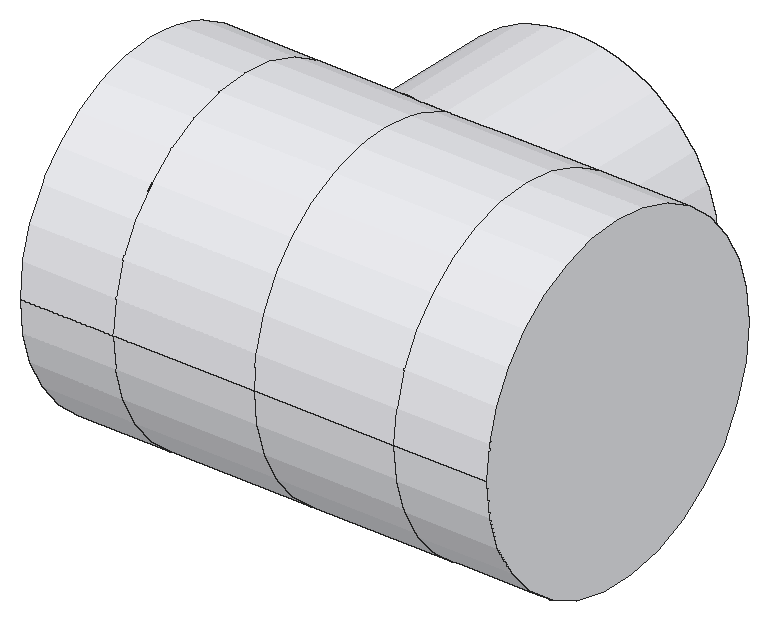
Revit family "PF_Тройник [фитинг полипропиленовый - тройник переходной VTp.735.0]1 - VALTEC", category Соединительные детали трубопроводов, Revit 2019
Family settings
  Размер круглого соединителя = Использовать диаметр
  Тип детали = Тройник
  На основе рабочей плоскости = Нет
  Всегда вертикально = Да
  При загрузке вырезать с полостями = Нет
  Общий = Нет
Parameters (values of type "VTp.731.0 / VTp.735.0")
  Таблица = "PF_Тройник [фитинг полипропиленовый - тройник переходной VTp.735.0] - VALTEC"  # constant formula
  built-in parameter 1114238 [instance] = (empty or 0)
  Manufacturer = ""
  dn4 [instance] = if(if(dn1 < dn2, dn2, dn1) < dn3, dn3, if(dn1 < dn2, dn2, dn1))  # 130.2 mm
  dn3 [instance] = size_lookup(Таблица, "dn3", 0 mm, d1, d2, d3)  # 130.2 mm
  dn2 [instance] = size_lookup(Таблица, "dn2", 0 mm, d1, d2, d3)  # 114.6 mm
  dn1 [instance] = size_lookup(Таблица, "dn1", 0 mm, d1, d2, d3)  # 130.2 mm
  d3 [instance] = 110 mm
  d2 [instance] = 90 mm
  d1 [instance] = 110 mm
  URL = "https://valtec.ru/"
  E [instance] = size_lookup(Таблица, "E", 0 mm, d1, d2, d3)  # 160 mm
  D [instance] = size_lookup(Таблица, "D", 0 mm, d1, d2, d3)  # 37 mm
  C [instance] = size_lookup(Таблица, "C", 0 mm, d1, d2, d3)  # 33 mm
  B [instance] = size_lookup(Таблица, "B", 0 mm, d1, d2, d3)  # 37 mm
  ADSK_Примечание [instance] = ""
  ADSK_Позиция [instance] = ""
  ADSK_Обозначение [instance] = size_lookup(Таблица, "Тип", "Данный типоразмер отсутствует", d1, d2, d3)  # "VTp.735.0"
  ADSK_Наименование [instance] = size_lookup(Таблица, "", "Данный типоразмер отсутствует", d1, d2, d3)  # "Фитинг полипропиленовый - тройник переходной, 110 х 90 х 110 мм"
  ADSK_Материал = Пластик белый - VALTEC
  ADSK_Масса [instance] = size_lookup(Таблица, "Масса", 0, d1, d2, d3)  # 1.432
  ADSK_Марка [instance] = size_lookup(Таблица, "Маркировка", "Данный типоразмер отсутствует", d1, d2, d3)  # "100х90х100"
  ADSK_Код изделия [instance] = size_lookup(Таблица, "Код продукта", "Данный типоразмер отсутствует", d1, d2, d3)  # "VTp.735.0.110090110"
  ADSK_Завод-изготовитель [instance] = "VALTEC"  # constant formula
  ADSK_Единица измерения [instance] = "шт."  # constant formula
  ADSK_URL страницы изделия = "https://valtec.ru/catalog/sistemy_polipropilenovyh_truboprovodov/polipropilenovye_fitingi/fiting_polipropilenovyj_trojnik_perehodnoj_vtp7350.html"
  ADSK_URL документации изделия = "https://valtec.ru/document/technical/VTp.700-fitingi-0419.pdf"
  A [instance] = size_lookup(Таблица, "A", 0 mm, d1, d2, d3)  # 186 mm
Reference planes
  plane 1 "По центру (Вперед/Назад)": y = 0
  plane 2: z = 0
  plane 3 "По центру (Влево/Вправо)": x = 0
  plane 4: x = -93
  plane 5: x = 93
  plane 6: y = 65.1
  plane 7: y = -65.1
  plane 8: y = 94.9
  plane 9: x = -56
  plane 10: x = 56
Forms (mm)
  Extrusion 1, solid, material "Пластик белый - VALTEC" <- "ADSK_Материал", detail levels medium+fine
    sketch origin (0, 0, 0) x (0, 1, 0) y (0, 0, 1)
      loop
        circle (0, 0) r 65.1
    from -93 to -56
  Extrusion 2, solid, material "Пластик белый - VALTEC" <- "ADSK_Материал", detail levels medium+fine
    sketch origin (0, 0, 0) x (0, 1, 0) y (0, 0, 1)
      loop
        circle (0, 0) r 65.1
    from 56 to 93
  Blend 3, solid, material "Пластик белый - VALTEC" <- "ADSK_Материал", detail levels medium+fine
    base sketch origin (0, 0, 0) x (0, 1, 0) y (0, 0, 1)
      loop
        circle (0, 0) r 65.1
    top sketch origin (0, 0, 0) x (0, 1, 0) y (0, 0, 1)
      loop
        circle (0, 0) r 65.1
    from 56 to 0
  Blend 4, solid, material "Пластик белый - VALTEC" <- "ADSK_Материал", detail levels medium+fine
    base sketch origin (0, 0, 0) x (0, 1, 0) y (0, 0, 1)
      loop
        circle (0, 0) r 65.1
    top sketch origin (0, 0, 0) x (0, 1, 0) y (0, 0, 1)
      loop
        circle (0, 0) r 65.1
    from -56 to 0
  Extrusion 5, solid, material "Пластик белый - VALTEC" <- "ADSK_Материал", detail levels medium+fine
    sketch origin (0, 0, 0) x (1, 0, 0) y (0, 0, 1)
      loop
        circle (0, 0) r 57.3
    from -94.9 to 0
Cuts and joins
  joined: Extrusion 1, Extrusion 2, Blend 3, Blend 4, Extrusion 5
Lines and regions (mm)
  model lines, detail levels coarse
    curve 1: line (0, 0, 0) -> (0, 94.9, 0)
    curve 2: line (-93, 0, 0) -> (93, 0, 0)
Dimensions and locks
  equal spacing: plane 4, plane 3 "По центру (Влево/Вправо)", plane 5
  "A": plane 4 to plane 5
  equal spacing: plane 7, plane 1 "По центру (Вперед/Назад)", plane 6
  "dn4": plane 7 to plane 6
  "E": plane 7 to plane 8
  "B": plane 4 to plane 9
  "D": plane 10 to plane 5
  "dn1": diameter of Extrusion 1 sketch curve
  "dn3": diameter of Extrusion 2 sketch curve
  "dn3": diameter of Blend 3 sketch curve
  "dn4": diameter of Blend 3 sketch curve
  "dn1": diameter of Blend 4 sketch curve
  "dn4": diameter of Blend 4 sketch curve
  "dn2": diameter of Extrusion 5 sketch curve
  aligned and locked: level to plane 2
  aligned and locked: plane 2 to Extrusion 1 sketch curve
  aligned and locked: plane 1 "По центру (Вперед/Назад)" to Extrusion 1 sketch curve
  aligned and locked: plane 2 to Extrusion 2 sketch curve
  aligned and locked: plane 1 "По центру (Вперед/Назад)" to Extrusion 2 sketch curve
  aligned and locked: plane 2 to Blend 3 sketch curve  (x2)
  aligned and locked: plane 1 "По центру (Вперед/Назад)" to Blend 3 sketch curve  (x2)
  aligned and locked: plane 2 to Blend 4 sketch curve  (x2)
  aligned and locked: plane 1 "По центру (Вперед/Назад)" to Blend 4 sketch curve  (x2)
  aligned and locked: Extrusion 2 to plane 5
  aligned and locked: plane 10 to Extrusion 2
  aligned and locked: Extrusion 1 to plane 4
  aligned and locked: plane 9 to Extrusion 1
  aligned and locked: Blend 4 to plane 9
  aligned and locked: plane 3 "По центру (Влево/Вправо)" to Blend 4
  aligned and locked: Blend 3 to plane 3 "По центру (Влево/Вправо)"
  aligned and locked: Blend 3 to plane 10
  aligned and locked: plane 2 to Extrusion 5 sketch curve
  aligned and locked: plane 3 "По центру (Влево/Вправо)" to Extrusion 5 sketch curve
  aligned and locked: plane 8 to Extrusion 5
  aligned and locked: plane 1 "По центру (Вперед/Назад)" to Extrusion 5
  aligned and locked: plane 3 "По центру (Влево/Вправо)" to curve 1
  aligned and locked: plane 8 to curve 1
  aligned and locked: plane 1 "По центру (Вперед/Назад)" to curve 1
  aligned and locked: plane 5 to curve 2
  aligned and locked: plane 4 to curve 2
  aligned and locked: plane 1 "По центру (Вперед/Назад)" to curve 2
Connectors
  piping at (-93, 0, 0), diameter 110, driven by "d1"
    settings: on cut or joined group of Extrusion 1, Extrusion 2, Blend 3, Blend 4, Extrusion 5, index 1, connector inside diameter 609.6 mm, connector length 0 mm, flow factor 0, pipe flow 0.0 L/s, pressure drop 0.0 Pa, fitting loss kfactor 0, connector angle 0.00°, fixture units 0, engagement length 0 mm, angle of deflection 0.00°, flow configuration 0, flow direction 0, fitting loss method 0, system type 28, joint type 0, gender type 0, connector reference index 2, connector utility 0, adjustable connector no, is connector primary yes, connector description ""
  piping at (93, 0, 0), diameter 110, driven by "d3"
    settings: on cut or joined group of Extrusion 1, Extrusion 2, Blend 3, Blend 4, Extrusion 5, index 2, connector inside diameter 609.6 mm, connector length 0 mm, flow factor 0, pipe flow 0.0 L/s, pressure drop 0.0 Pa, fitting loss kfactor 0, connector angle 0.00°, fixture units 0, engagement length 0 mm, angle of deflection 0.00°, flow configuration 0, flow direction 0, fitting loss method 0, system type 28, joint type 0, gender type 0, connector reference index 1, connector utility 0, adjustable connector no, is connector primary no, connector description ""
  piping at (0, 94.9, 0), diameter 90, driven by "d2"
    settings: on cut or joined group of Extrusion 1, Extrusion 2, Blend 3, Blend 4, Extrusion 5, index 3, connector inside diameter 609.6 mm, connector length 0 mm, flow factor 0, pipe flow 0.0 L/s, pressure drop 0.0 Pa, fitting loss kfactor 0, connector angle 0.00°, fixture units 0, engagement length 0 mm, angle of deflection 0.00°, flow configuration 0, flow direction 0, fitting loss method 0, system type 28, joint type 0, gender type 0, connector reference index -1, connector utility 0, adjustable connector no, is connector primary no, connector description ""
